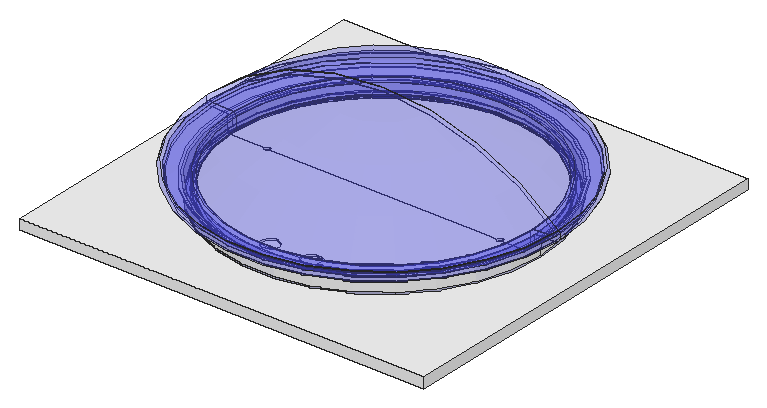
Revit family "BE_12140P_de_DE", category Leuchten, Revit 2020
Family settings
  Basisbauteil = Fläche
  Bemaßung runder Anschluss = Durchmesser verwenden
  Teiletyp = Normal
  Beim Laden mit Abzugskörper schneiden = Ja
  Lichtquelle = Ja
  Gemeinsam genutzt = Nein
  Raumberechnungspunkt = Ja
Parameters (values of type "BEGA_12140P_K3")
  built-in parameter 1150104 = 12.077 (stored number, unit not read)
  Wattage = 16.8 W
  Default Elevation = 0 mm
  built-in parameter 1150113 = 1 (stored number, unit not read)
  built-in parameter 1114218 = 1 (stored number, unit not read)
  Umgebungstemperatur = "25 °C"
  URL = "https://www.bega.com/de/produkt/12140P"
  Typenkommentare = "© 2022 BEGA. Wir behalten uns das Recht vor, technische Änderungen ohne vorherige Ankündigung vorzunehmen."  # constant formula
  built-in parameter 1150134 = 12
  built-in parameter 1150109 = 1 (stored number, unit not read)
  Strom = ""
  built-in parameter 1150110 = 1 (stored number, unit not read)
  Spannung = 239.996 V
  Sonderanfertigung = no
  Seriennummer [instance] = "Hier können Sie die eindeutige Seriennummer für das Facility Management eintragen."
  Schutzklasse = "I"
  Schutzart = "IP 20"
  Scheinlast = 0 VA
  Produktdatenblatt = "http://www.bega.de/download/Xrfa/db/12140P.db.de.pdf"
  Oberflächentemperatur = ""
  Neigungswinkel = 0.00°
  Model = "12140PK4"
  Material_17 = BEGA_Reflektor
  Material_15 = BEGA_Leuchtmedium_matt
  Material_14 = BEGA_Kunststoff_opal
  Material_11 = BEGA_Glas_opal
  Material_09 = BEGA_Glas_klar
  Material_06 = BEGA_Oberfläche_Edelstahl_gebürstet
  Material_03 = BEGA_Oberfläche_Weiss_matt
  Material_02 = BEGA_Oberfläche_Silber_matt
  Material_01 [instance] = BEGA_Oberfläche_Grafit_matt
  M_W = no
  M_G = no
  M_A = no
  Logo = 0
  built-in parameter 1114217 = 1 (stored number, unit not read)
  built-in parameter 1150139 = (empty or 0)
  built-in parameter 1150105 = 640.12 (stored number, unit not read)
  built-in parameter 1150114 = 1 (stored number, unit not read)
  Lumens = 2184 lm
  built-in parameter 1150115 = 1 (stored number, unit not read)
  Leuchtenlichtstrom = "1709 lm"
  Leuchtenanzahl = ""
  Lebensdauerkriterien = "L70B50 @ 25 °C = 328000 h"
  Lastklassifizierung = Beleuchtung
  built-in parameter 1150112 = 1 (stored number, unit not read)
  Lampenlichtstrom = "2185 lm"
  Lamp = "LED 16.8 W"
  LED_Modulbezeichnung = "LED-0511/940"
  Hersteller = "BEGA"  # constant formula
  Halbstreuwinkel = ""
  Gewicht = "2.45 kg"
  Gebrauchslageneinschränkung [instance] = ""
  Frequenz = "0/50-60 Hz"
  Farbwiedergabeindex = "CRI > 90"
  Farbtemperaturverschiebung bei Dämpfen der Lampe = <Keine Auswahl>
  Farbtemperatur = "4000 K"
  Color Filter = 16777215
  built-in parameter 1150133 = 10 (stored number, unit not read)
  Energieeffizienzklasse = "LED A++ - A"
  built-in parameter 1150137 = (empty or 0)
  built-in parameter 1150132 = (empty or 0)
  ENEC = "ja"
  Dimmbar [instance] = "DALI"
  Photometric Web File = "BE_12140PK4.IES"
  CE_Konformität = "ja"
  Bestellnummer = "12140PK4"
  Beschreibung_Sonderanfertigung = "Hier können Sie Informationen zur Sonderanfertigung eintragen."
  Beschreibung = "Decken- und Wandleuchte"
  built-in parameter 1150106 = 6.4012 (stored number, unit not read)
  Befestigungsbohrung = "Ø 5,5 mm"
  Befestigungsabstand = "230 mm"
  Ballwurfsicher = ""
  BEGA_Intern_aus = yes
  BEGA_Intern_an = yes
  BEGA_Intern_Konstruktion = yes
  BEGA_Intern = yes
  BEGA_IES = yes
  BEGA_Dummy = no
  Anschlussleitung = ""
  Anschlussleistung [instance] = "20 W"
  Anschlusskasten = ""
  built-in parameter 1150107 = 4000 (stored number, unit not read)
  built-in parameter 1150102 = (empty or 0)
  built-in parameter 1150138 = (empty or 0)
  Aktualisierung = "2020-07-27T04:00:12"
  Abstand_zur_angestrahlten_Fläche [instance] = ""
  AC/DC = "AC/DC"
Types (2, lengths in mm): name | built-in parameter 1150104 | built-in parameter 1150134 | Model | built-in parameter 1150105 | Lumens | Leuchtenlichtstrom | Lampenlichtstrom | LED_Modulbezeichnung | Farbtemperatur | Photometric Web File | Bestellnummer | built-in parameter 1150106 | built-in parameter 1150107
  BEGA_12140P_K3 | 11.669 (stored number, unit not read) | (empty or 0) | "12140PK3" | 618.45 (stored number, unit not read) | 2110.08 lm | "1890 lm" | "2415 lm" | "LED-0511/930" | "3000 K" | "BE_12140PK3.IES" | "12140PK3" | 6.1845 (stored number, unit not read) | 3000 (stored number, unit not read)
  BEGA_12140P_K27 | 12.077 (stored number, unit not read) | 12 | "12140PK27" | 640.12 (stored number, unit not read) | 2184 lm | "1827 lm" | "2335 lm" | "LED-0511/927" | "2700 K" | "BE_12140PK27.IES" | "12140PK27" | 6.4012 (stored number, unit not read) | 4000 (stored number, unit not read)
Reference planes
  plane 1 "Mitte (Vorne/Hinten)": y = 0
  plane 2: z = 0
  plane 3 "Mitte (Links/Rechts)": x = 0
  plane 4 "Links": x = -175.231
  plane 5 "Rechts": x = 175.231
  plane 6 "Unten": y = -175.2
  plane 7 "Oben": y = 175.2
  plane 8 "Vorne": z = 98.4
  plane 9 "Hinten": z = 0
Forms (mm)
  Extrusion 1, solid, material "BEGA_Platte_Weiss"
    sketch origin (0, -1119.2, 0) x (1, 0, 0) y (0, 1, 0)
      loop
        line (-200, 1319.2) -> (-200, 919.2) -> (200, 919.2) -> (200, 1319.2) -> (-200, 1319.2)
    from 0 to -10
  Extrusion 2, solid, material "BEGA_Dummy_matt", visible <- "BEGA_Dummy"
    sketch origin (77.149, -76.023, 0) x (1, 0, 0) y (0, 1, 0)
      loop
        circle (-77.149, 76.023) r 175
    from 0 to 98.4
Dimensions and locks
  plane 1 "Mitte (Vorne/Hinten)" to Extrusion 1 = 200 mm
  aligned and locked: plane 2 to Extrusion 1
  aligned and locked: level to Extrusion 1
Nested families
  nested 1: "BE_12140P" at (0, 0, 0) x (0, -1, 0) z (0, 0, 1), type "BE_12140P"
Connectors
  electrical at (0, 0, 0), driven by "Lastklassifizierung", driven by "Spannung", driven by "Scheinlast"
    settings: index 1, voltage 239.996 V, apparent load 0 VA, apparent load phase1 0 VA, apparent load phase2 0 VA, apparent load phase3 0 VA, power factor 1, load classification "Beleuchtung", number of poles 1, system type 31, power factor state 1, is connector primary yes, connector utility no, sub classification motor no, connector description ""
Definition of nested family "BE_12140P"
  Parameters (values of type "BE_12140P")
    Default Elevation = 1 mm
    URL = "http://www.bega.de/de/produkt"
    Type Comments = "© 2015 BEGA. Wir behalten uns das Recht vor, technische Änderungen ohne vorherige Ankündigung vorzunehmen. "  # constant formula
    Type Image = (empty or 0)
    Neigungswinkel_um_Z2 = 0.00°
    Neigungswinkel_um_Z1 = 0.00°
    Neigungswinkel_um_Y2 = 0.00°
    Neigungswinkel_um_Y1 = 0.00°
    Neigungswinkel_um_X2 = 0.00°
    Neigungswinkel_um_X1 = 0.00°
    Material_17 = none
    Material_15 = none
    Material_14 = none
    Material_11 = none
    Material_09 = none
    Material_06 = none
    Material_05 = none
    Material_03 = none
    Material_02 = none
    Material_01 = none
    M_W = yes
    M_G = yes
    M_A = yes
    Länge_Platte = 500 mm  # constant formula
    Höhe_Platte = -10 mm  # constant formula
    Manufacturer = "BEGA"  # constant formula
    Drehwinkel_um_Z2 = 0.00°
    Drehwinkel_um_Z1 = 0.00°
    Breite_Platte = 500 mm  # constant formula
  Reference planes
    plane 1 "Mitte (Oben/Unten)": y = 0
    plane 2: z = 0
    plane 3 "Mitte (Links/Rechts)": x = 0
    plane 4: y = 175.231
    plane 5: z = 98.4
    plane 6: y = -175.231
    plane 7: x = -175.2
    plane 8: x = 175.2
  Forms (mm)
    Extrusion 1, solid, detail levels medium
      sketch origin (0, 0, 0) x (1, 0, 0) y (0, 1, 0)
        loop
          line (-250, 250) -> (-250, -250) -> (250, -250) -> (250, 250) -> (-250, 250)
      from 0 to -10 <- "Höhe_Platte"
    Revolve 2, solid, material <- "Material_03", detail levels medium+fine
      sketch origin (0, 0, 0) x (0, 1, 0) y (0, 0, 1)
        loop
          line (159, 19.8) -> (159, 20.8) -> (156.831, 20.8)
          arc (156.831, 20.8) -> (155.563, 20.284) -> (155.024, 19.025) r 1.8
          line (155.024, 19.025) -> (154.767, 4.283)
          arc (154.767, 4.283) -> (154.468, 3.587) -> (153.767, 3.3) r 1
          line (153.767, 3.3) -> (0, 3.3) -> (0, 2.3) -> (153.767, 2.3)
          arc (153.767, 2.3) -> (155.169, 2.873) -> (155.767, 4.265) r 2
          line (155.767, 4.265) -> (156.024, 19.01)
          arc (156.024, 19.01) -> (156.264, 19.571) -> (156.829, 19.8) r 0.8
          line (156.829, 19.8) -> (159, 19.8)
        axis (0, 2.3) -> (0, 20.8)
      angle from 0 to 360
    Revolve 3, solid, material <- "Material_03", detail levels medium+fine
      sketch origin (0, 0, 0) x (0, 1, 0) y (0, 0, 1)
        loop
          arc (124.13, 1.943) -> (124.474, 2.206) -> (124.896, 2.3) r 1
          line (124.896, 2.3) -> (125.896, 3.3) -> (117.75, 3.3) -> (117.75, 0) -> (121.108, 0)
          arc (121.108, 0) -> (122.369, 0.281) -> (123.395, 1.067) r 3
          line (123.395, 1.067) -> (124.13, 1.943)
        axis (115, 3.3) -> (115, 0)
      angle from 0 to 360
    Revolve 4, solid, material <- "Material_03", detail levels medium+fine
      sketch origin (0, 0, 0) x (0, -1, 0) y (0, 0, 1)
        loop
          arc (124.13, 1.943) -> (124.474, 2.206) -> (124.896, 2.3) r 1
          line (124.896, 2.3) -> (125.896, 3.3) -> (117.75, 3.3) -> (117.75, 0) -> (121.108, 0)
          arc (121.108, 0) -> (122.369, 0.281) -> (123.395, 1.067) r 3
          line (123.395, 1.067) -> (124.13, 1.943)
        axis (115, 3.3) -> (115, 0)
      angle from 0 to 360
    Extrusion 5, void
      sketch origin (0, 0, 0) x (1, 0, 0) y (0, 1, 0)
        loop
          circle (115, 20) r 8.5
        loop
          circle (115, -20) r 8.5
        loop
          circle (0, 115) r 2.75
        loop
          circle (0, -115) r 2.75
      from 1.096 to 7.205
    Revolve 6, solid, material <- "Material_14", detail levels medium+fine
      sketch origin (0, 0, 0) x (0, 1, 0) y (0, 0, 1)
        loop
          line (153.75, 4.9) -> (153.75, 8.389)
          arc (153.75, 8.389) -> (153.616, 8.889) -> (153.25, 9.256) r 1
          line (153.25, 9.256) -> (149.499, 11.421)
          arc (149.499, 11.421) -> (149.133, 11.787) -> (149, 12.287) r 1
          line (149, 12.287) -> (149, 19.451)
          arc (149, 19.451) -> (149.277, 20.142) -> (149.956, 20.45) r 1
          line (149.956, 20.45) -> (169.559, 21.477)
          arc (169.559, 21.477) -> (174.894, 25.484) -> (173.228, 31.944) r 6
          arc (173.228, 31.944) -> (92.769, 81.216) -> (0, 98.4) r 258.999
          line (0, 98.4) -> (0, 94.4)
          arc (0, 94.4) -> (91.33, 77.483) -> (170.543, 28.978) r 255
          arc (170.543, 28.978) -> (171.123, 26.82) -> (169.341, 25.472) r 2
          line (169.341, 25.472) -> (148.791, 24.394)
          arc (148.791, 24.394) -> (146.425, 23.461) -> (145.1, 21.289) r 4
          line (145.1, 21.289) -> (145.1, 11.074)
          arc (145.1, 11.074) -> (145.5, 9.577) -> (146.592, 8.479) r 3.001
          line (146.592, 8.479) -> (148.263, 7.514)
          arc (148.263, 7.514) -> (149.358, 6.407) -> (149.75, 4.9) r 3.002
          line (149.75, 4.9) -> (153.75, 4.9)
        axis (0, 98.4) -> (0, 4.9)
      angle from 0 to 360
  Cuts and joins
    Extrusion 5 cuts Revolve 2
    Extrusion 5 cuts Revolve 3
    Extrusion 5 cuts Revolve 4
    joined: Revolve 2, Revolve 3, Revolve 4
  Dimensions and locks
    equal spacing: Extrusion 1 sketch curve, plane 3 "Mitte (Links/Rechts)", Extrusion 1 sketch curve
    equal spacing: Extrusion 1 sketch curve, plane 1 "Mitte (Oben/Unten)", Extrusion 1 sketch curve
    "Länge_Platte": Extrusion 1 sketch curve to Extrusion 1 sketch curve
    "Breite_Platte": Extrusion 1 sketch curve to Extrusion 1 sketch curve
    aligned and locked: Extrusion 1 to plane 2
    aligned and locked: level to Extrusion 1
  Automatic sketch dimensions
    Revolve 3 sketch curve to level = 0 mm
    level to Revolve 3 sketch curve = 3.3 mm
    Revolve 3 sketch curve to Revolve 3 sketch curve = 3.351 mm
    Revolve 3 sketch curve to Revolve 3 sketch curve = 0.007 mm
    level to Revolve 3 sketch curve = 1.067 mm
    Revolve 3 sketch curve to Revolve 3 sketch curve = 2.287 mm
    level to Revolve 3 sketch curve = 2.3 mm
    Revolve 3 sketch curve to Revolve 3 sketch curve = 1.501 mm
    Revolve 3 sketch curve to Revolve 3 sketch curve = 0 mm  (x2)
    Revolve 3 sketch curve to Revolve 3 sketch curve = 1 mm  (x2)
    Revolve 3 sketch curve to Revolve 3 sketch curve = 2.75 mm
    level to Revolve 3 sketch curve = 1.943 mm
    Revolve 3 sketch curve to Revolve 3 sketch curve = 0.766 mm
    Revolve 3 sketch curve to level = 2.001 mm
    Revolve 3 sketch curve to Revolve 3 sketch curve = 2 mm
    Revolve 4 sketch curve to level = 0 mm
    Revolve 4 sketch curve to level = 3.3 mm
    Revolve 4 sketch curve to Revolve 4 sketch curve = 3.351 mm
    Revolve 4 sketch curve to Revolve 4 sketch curve = 0.007 mm
    Revolve 4 sketch curve to level = 1.067 mm
    Revolve 4 sketch curve to Revolve 4 sketch curve = 2.287 mm
    Revolve 4 sketch curve to level = 2.3 mm
    Revolve 4 sketch curve to Revolve 4 sketch curve = 1.501 mm
    Revolve 4 sketch curve to Revolve 4 sketch curve = 0 mm  (x2)
    Revolve 4 sketch curve to Revolve 4 sketch curve = 1 mm  (x2)
    Revolve 4 sketch curve to Revolve 4 sketch curve = 2.75 mm
    Revolve 4 sketch curve to level = 1.943 mm
    Revolve 4 sketch curve to Revolve 4 sketch curve = 0.766 mm
    level to Revolve 4 sketch curve = 2.001 mm
    Revolve 4 sketch curve to Revolve 4 sketch curve = 2 mm
    Revolve 3 sketch curve to plane 1 "Mitte (Oben/Unten)" = 117.75 mm
    Revolve 4 sketch curve to plane 1 "Mitte (Oben/Unten)" = 117.75 mm
    Revolve 2 sketch curve to Revolve 2 sketch curve = 0 mm  (x11)
    Revolve 2 sketch curve to plane 1 "Mitte (Oben/Unten)" = 0 mm  (x2)
    level to Revolve 2 sketch curve = 4.3 mm
    level to Revolve 2 sketch curve = 4.283 mm
    Revolve 2 sketch curve to Revolve 2 sketch curve = 1 mm  (x4)
    Revolve 2 sketch curve to Revolve 2 sketch curve = 0.257 mm
    Revolve 2 sketch curve to Revolve 2 sketch curve = 0.8 mm
    Revolve 2 sketch curve to Revolve 2 sketch curve = 0.004 mm
    Revolve 2 sketch curve to Revolve 2 sketch curve = 0.002 mm
    Revolve 2 sketch curve to Revolve 2 sketch curve = 2.169 mm
    Revolve 2 sketch curve to Revolve 2 sketch curve = 14.717 mm
    Revolve 2 sketch curve to Revolve 2 sketch curve = 0.01 mm
    Revolve 2 sketch curve to Revolve 2 sketch curve = 0.015 mm
    level to Revolve 2 sketch curve = 4.265 mm
    Revolve 2 sketch curve to Revolve 2 sketch curve = 4 mm
    Revolve 6 sketch curve to Revolve 6 sketch curve = 0 mm  (x13)
    Revolve 6 sketch curve to plane 1 "Mitte (Oben/Unten)" = 0 mm  (x3)
    plane 1 "Mitte (Oben/Unten)" to Revolve 6 sketch curve = 0 mm
    level to Revolve 6 sketch curve = 8.479 mm
    Revolve 6 sketch curve to Revolve 6 sketch curve = 1.492 mm
    Revolve 6 sketch curve to Revolve 6 sketch curve = 0.156 mm
    Revolve 6 sketch curve to Revolve 6 sketch curve = 1.509 mm
    level to Revolve 6 sketch curve = 7.514 mm
    Revolve 6 sketch curve to Revolve 6 sketch curve = 1.671 mm
    Revolve 6 sketch curve to Revolve 6 sketch curve = 3.9 mm
    level to Revolve 6 sketch curve = 11.421 mm
    Revolve 6 sketch curve to Revolve 6 sketch curve = 1.397 mm
    Revolve 6 sketch curve to Revolve 6 sketch curve = 3.001 mm
    Revolve 6 sketch curve to Revolve 6 sketch curve = 0.956 mm
    Revolve 6 sketch curve to Revolve 6 sketch curve = 0.044 mm
    Revolve 6 sketch curve to Revolve 6 sketch curve = 0.501 mm
    Revolve 6 sketch curve to Revolve 6 sketch curve = 3.251 mm
    Revolve 6 sketch curve to Revolve 6 sketch curve = 1 mm
    Revolve 6 sketch curve to Revolve 6 sketch curve = 19.275 mm
    level to Revolve 6 sketch curve = 25.472 mm
    Revolve 6 sketch curve to Revolve 6 sketch curve = 0.11 mm
    level to Revolve 6 sketch curve = 21.477 mm
    Revolve 6 sketch curve to Revolve 6 sketch curve = 0.219 mm
    Revolve 6 sketch curve to Revolve 6 sketch curve = 2.591 mm
    Revolve 6 sketch curve to level = 160.599 mm
    Revolve 6 sketch curve to Revolve 6 sketch curve = 3.489 mm
    Revolve 6 sketch curve to Revolve 6 sketch curve = 0.348 mm
    Revolve 6 sketch curve to Revolve 6 sketch curve = 0.866 mm  (x2)
    Revolve 6 sketch curve to Revolve 6 sketch curve = 7.164 mm
    Revolve 6 sketch curve to Revolve 6 sketch curve = 0.949 mm
    Revolve 6 sketch curve to Revolve 6 sketch curve = 0.05 mm
    Revolve 6 sketch curve to Revolve 6 sketch curve = 0.889 mm
    Revolve 6 sketch curve to Revolve 6 sketch curve = 1.997 mm
    level to Revolve 6 sketch curve = 94.4 mm
    Revolve 6 sketch curve to Revolve 6 sketch curve = 4 mm
    Revolve 6 sketch curve to Revolve 6 sketch curve = 0.209 mm
    Revolve 6 sketch curve to Revolve 6 sketch curve = 0.499 mm
    Revolve 6 sketch curve to Revolve 6 sketch curve = 0.5 mm
    level to Revolve 6 sketch curve = 9.256 mm
    Revolve 6 sketch curve to Revolve 6 sketch curve = 0.07 mm
    Extrusion 5 sketch curve to plane 3 "Mitte (Links/Rechts)" = 0 mm  (x2)
    plane 1 "Mitte (Oben/Unten)" to Extrusion 5 sketch curve = 20 mm
    Extrusion 5 sketch curve to plane 1 "Mitte (Oben/Unten)" = 20 mm
    plane 3 "Mitte (Links/Rechts)" to Extrusion 5 sketch curve = 115 mm
    Extrusion 5 sketch curve to Extrusion 5 sketch curve = 0 mm
    Revolve 2 sketch curve to plane 1 "Mitte (Oben/Unten)" = 153.767 mm
    Extrusion 5 sketch curve to plane 1 "Mitte (Oben/Unten)" = 115 mm
    Revolve 6 sketch curve to plane 1 "Mitte (Oben/Unten)" = 145.1 mm
    plane 1 "Mitte (Oben/Unten)" to Extrusion 5 sketch curve = 115 mm
    Revolve 6 sketch curve to Revolve 6 sketch curve = 26.07 mm
    radius of Extrusion 5 sketch curve = 8.5 mm  (x2)
    radius of Extrusion 5 sketch curve = 2.75 mm  (x2)
